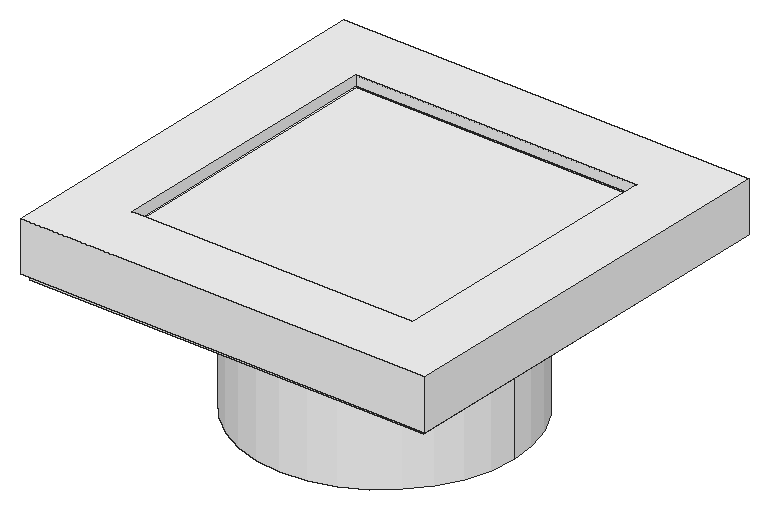
Revit family "Gira_228401", category Electrical Fixtures, host Face, Revit 2017
Family settings
  Host = Face
  Maintain Annotation Orientation = Yes
  Round Connector Dimension = Use Diameter
  Part Type = Normal
  Cut with Voids When Loaded = No
  Shared = No
  Room Calculation Point = No
Parameters (values of type "RDS FM radio w/o speaker System 55 cr.white")
  White [instance] = White
  URL = "http://katalog.gira.de/en/datenblatt.html?artikelnr=228401"
  Type of fastening = "Mounting with claw and screw"
  Surface protection = "Other"
  Surface finishing = "Glossy"
  RAL-number (akin) = "1013"
  Name = "RDS FM radio w/o speaker System 55 cr.white"
  Mounting method = "Flush mounted (plaster)"
  Model = "Radio"
  Material quality = "Other"
  Material = "Other"
  Manufacturer URL = "https://www.gira.de/"
  Manufacturer = "Gira"
  HeinzeBIM = "https://bimportal.heinze.de/bim/rds-fm-radio-w-o-speaker-system-55-cr-white/cfaba606b9b11582a51ffa6d09bbcfa7e5a4db87"
  Halogen free = "Yes"
  HAN = "228401"
  GTIN = "4010337889199"
  Description = "RDS FM radio w o spk. Sys55 CW,RDS flush-mounted radio,,cream white glossy,"
  Default Elevation = 1219.2 mm
  Data sheet (1) = "https://katalog.gira.de/en/download.html?artikelnr=228401"
  Colour = "Cream white (electro white)"
  Category = "Electronic insert for domestic switching devices"
  BIM (1) = "https://media.stage.bim.site/public/gira/36a6b08/Sys55_Komplettgerät_Schalten und Tasten.rfa?public/gira/36a6b08/Sys55_Komplettgerät_Schalten und Tasten.rfa"
  Available = "No"
  Assembly arrangement = "Basic element"
Reference planes
  plane 1 "Center (Front/Back)": y = 0
  plane 2: z = 0
  plane 3 "Center (Left/Right)": x = 0
Forms (mm)
  Extrusion 1, solid, material "White" <- "White", detail levels medium
    sketch origin (0, 0, 0) x (1, 0, 0) y (0, 1, 0)
      loop
        line (-40.4, 40.4) -> (-40.4, -40.4) -> (40.4, -40.4) -> (40.4, 40.4) -> (-40.4, 40.4)
      loop
        line (-28, 28) -> (-28, -28) -> (28, -28) -> (28, 28) -> (-28, 28)
    from 0 to 10
  Extrusion 2, solid, material "White" <- "White", detail levels fine
    sketch origin (0, 0, 0) x (1, 0, 0) y (0, 1, 0)
      loop
        line (-40.4, 40.4) -> (-40.4, -40.4) -> (40.4, -40.4) -> (40.4, 40.4) -> (-40.4, 40.4)
      loop
        line (-28, 28) -> (-28, -28) -> (28, -28) -> (28, 28) -> (-28, 28)
    from 0 to 10
  Extrusion 3, void
    sketch origin (0, 0, 0) x (1, 0, 0) y (0, 1, 0)
      loop
        line (-38.4, 38.4) -> (-38.4, -38.4) -> (38.4, -38.4) -> (38.4, 38.4) -> (-38.4, 38.4)
    from 0 to 8
  Extrusion 4, solid, material "White" <- "White", detail levels medium+fine
    sketch origin (0, 0, 0) x (1, 0, 0) y (0, 1, 0)
      loop
        line (-39.4, 39.4) -> (-39.4, -39.4) -> (39.4, -39.4) -> (39.4, 39.4) -> (-39.4, 39.4)
    from 0 to -1
  Extrusion 5, solid, material "White" <- "White", detail levels medium+fine
    sketch origin (0, 0, 0) x (1, 0, 0) y (0, 1, 0)
      loop
        line (-35.5, 35.5) -> (-35.5, -35.5) -> (35.5, -35.5) -> (35.5, 35.5) -> (-35.5, 35.5)
    from -2 to -3
  Extrusion 6, solid, material "White" <- "White", detail levels medium+fine
    sketch origin (0, 0, 0) x (1, 0, 0) y (0, 1, 0)
      loop
        circle (0, 0) r 26
    from 0 to -27.5
  Extrusion 7, solid, material "White" <- "White", detail levels coarse
    sketch origin (0, 0, 0) x (1, 0, 0) y (0, 1, 0)
      loop
        line (-40.4, 40.4) -> (-40.4, -40.4) -> (40.4, -40.4) -> (40.4, 40.4) -> (-40.4, 40.4)
    from -27.5 to 10
Cuts and joins
  Extrusion 3 cuts Extrusion 2
Dimensions and locks
  aligned and locked: plane 2 to host face
  aligned and locked: level to host face
  aligned and locked: plane 3 "Center (Left/Right)" to nested 2
  aligned and locked: plane 1 "Center (Front/Back)" to nested 2
Nested families
  nested 1: "Sys55_Abdeckung_Schalten und Tasten_floor_base" at (0, 0, 0), type "Sys55_Abdeckung_Schalten und Tasten_floor_base"
  nested 2: "Schalter" at (0, 0, 0), type "Schalter"
Connectors
  electrical at (0, 0, -27.5)
    settings: on Extrusion 6, index 1, voltage 220 V, apparent load 0 VA, apparent load phase1 0 VA, apparent load phase2 0 VA, apparent load phase3 0 VA, power factor 1, load classification "Other", number of poles 1, system type 30, power factor state 1, is connector primary yes, connector utility no, sub classification motor no, connector description ""
Definition of nested family "Sys55_Abdeckung_Schalten und Tasten_floor_base"
  Parameters
    Default Elevation = 1219.2 mm
    White [instance] = none
  Reference planes
    plane 1 "Center (Front/Back)": y = 0
    plane 2: z = 0
    plane 3 "Center (Left/Right)": x = 0
  Forms (mm)
    Extrusion 1, solid
      sketch origin (0, 0, 0) x (1, 0, 0) y (0, 1, 0)
        loop
          line (-1219.2, 1219.2) -> (-1219.2, -1219.2) -> (1219.2, -1219.2) -> (1219.2, 1219.2) -> (-1219.2, 1219.2)
      from 0 to -304.8
    Extrusion 2, solid, material <- "White", detail levels fine
      sketch origin (0, 0, 0) x (1, 0, 0) y (0, 1, 0)
        loop
          line (-27.5, 27.5) -> (-27.5, -27.5) -> (27.5, -27.5) -> (27.5, 27.5) -> (-27.5, 27.5)
      from 0 to 8
    Extrusion 3, void
      sketch origin (0, 0, 0) x (1, 0, 0) y (0, 1, 0)
        loop
          line (26, 26) -> (-26, 26) -> (-26, -26) -> (26, -26) -> (26, 26)
      from 0 to 6
    Extrusion 4, solid, material <- "White", detail levels medium
      sketch origin (0, 0, 0) x (1, 0, 0) y (0, 1, 0)
        loop
          line (-27.5, 27.5) -> (-27.5, -27.5) -> (27.5, -27.5) -> (27.5, 27.5) -> (-27.5, 27.5)
      from 0 to 8
    Extrusion 5, solid, material <- "White", detail levels medium
      sketch origin (0, 0, 0) x (1, 0, 0) y (0, 1, 0)
        loop
          line (11, -17.5) -> (11, 17.5) -> (-11, 17.5) -> (-11, -17.5) -> (11, -17.5)
      from -6 to 6
    Extrusion 6, solid, material <- "White", detail levels fine
      sketch origin (0, 0, 0) x (1, 0, 0) y (0, 1, 0)
        loop
          line (11, 17.5) -> (-11, 17.5) -> (-11, 16.5) -> (11, 16.5) -> (11, 17.5)
        loop
          line (-11, -16.5) -> (-11, -17.5) -> (11, -17.5) -> (11, -16.5) -> (-11, -16.5)
      from -4 to 6
    Extrusion 7, solid, material <- "White", detail levels fine
      sketch origin (0, 0, 0) x (1, 0, 0) y (0, 1, 0)
        loop
          arc (5, 9.347) -> (0, 10.6) -> (-5, 9.347) r 10.6
          line (-5, 9.347) -> (-5, -9.347)
          arc (-5, -9.347) -> (0, -10.6) -> (5, -9.347) r 10.6
          line (5, -9.347) -> (5, 9.347)
      from -6 to 6
    Extrusion 8, solid, material <- "White", detail levels coarse
      sketch origin (0, 0, 0) x (1, 0, 0) y (0, 1, 0)
        loop
          line (-27.5, 27.5) -> (-27.5, -27.5) -> (27.5, -27.5) -> (27.5, 27.5) -> (-27.5, 27.5)
      from -6 to 8
  Cuts and joins
    Extrusion 3 cuts Extrusion 2
  Dimensions and locks
    aligned and locked: plane 2 to Extrusion 1
    aligned and locked: level to Extrusion 1
Definition of nested family "Schalter"
  Reference planes
    plane 1: y = 0
    plane 2: x = 0
  Lines and regions (mm)
    detail lines
      curve 1: circle (1.375, 2.778, 0) r 0.8 normal (0, 0, 1)
      curve 2: line (1.021, 2.061, 0) -> (0, 0, 0)
      curve 3: line (0, 0, 0) -> (-0.538, 0.266, 0)
  Dimensions and locks
    curve 2 to curve 2 = 2.3 mm
    curve 3 to curve 2 = 0.6 mm
    radius of curve 1 = 0.8 mm
